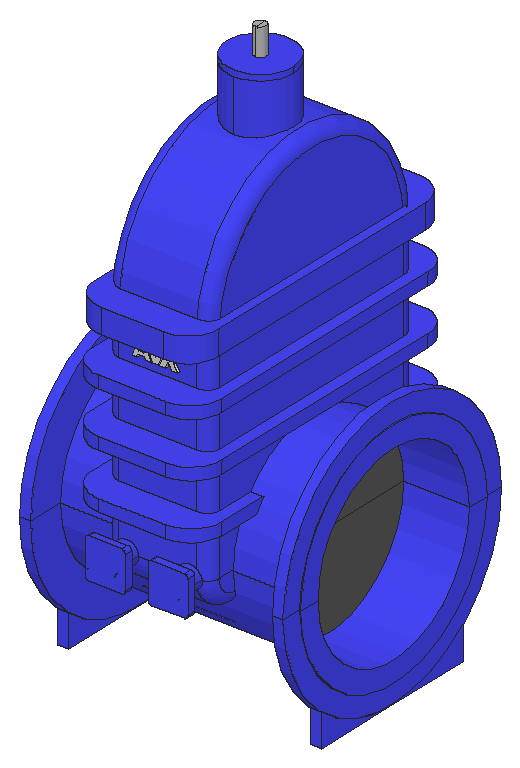
Revit family "02-60-0035 DN450-600 WITHOUT BYPASS", category Pipe Accessories, Revit 2022
Family settings
  Round Connector Dimension = Use Diameter
  Part Type = Valve - Breaks Into
  Work Plane-Based = No
  Always vertical = Yes
  Cut with Voids When Loaded = No
  Shared = No
Parameters (values of type "DN500_PN16")
  Ww = Body_W * 1.2  # 162.72 mm
  W1 = (H3 - H) * 0.65  # 232.05 mm
  W = size_lookup(Search_table, "W", 0 mm, DN) / 2  # 420 mm
  URL_product_pages = "https://www.avkvalves.com/P.aspx?no=0245060004647"
  Stem_H = F2 * 1.3  # 91 mm
  Search_table = "02-60-0035 DN450-600 WITHOUT BYPASS"
  Rib_T = FL_T * 0.5  # 16 mm
  Rib_R = Ww * 0.5  # 81.36 mm
  Rib_H = Body_H * 0.25  # 145 mm
  Raised_dis = size_lookup(Search_table, "Raised_dis", 0 mm, DN)  # 4 mm
  Raised_R = size_lookup(Search_table, "Raised_R", 0 mm, DN) / 2  # 304.5 mm
  RIB_W = size_lookup(Search_table, "RIB_W", 0 mm, DN)  # 170 mm
  RIB_T = size_lookup(Search_table, "RIB_T", 0 mm, DN)  # 10 mm
  RIB_L = size_lookup(Search_table, "RIB_L", 0 mm, DN)  # 420 mm
  Pipe_R = 30.5 mm  # constant formula
  OD = size_lookup(Search_table, "OD", 0 mm, DN) / 2  # 357.5 mm
  L = size_lookup(Search_table, "L", 0 mm, DN)  # 700 mm
  H3-H = H3 - H  # 357 mm
  H3 = size_lookup(Search_table, "H3", 0 mm, DN)  # 1481 mm
  H = size_lookup(Search_table, "H", 0 mm, DN)  # 1124 mm
  FL_T = size_lookup(Search_table, "FL_T", 0 mm, DN)  # 32 mm
  F2 = size_lookup(Search_table, "F2", 0 mm, DN)  # 70 mm
  F14 = size_lookup(Search_table, "F14", 0 mm, DN) / 2  # 87.5 mm
  F1 = size_lookup(Search_table, "F1", 0 mm, DN) / 2  # 0 mm
  F = size_lookup(Search_table, "F", 0 mm, DN) / 2  # 15 mm
  Disk_T = L * 0.25  # 175 mm
  Description_ = "AVK GATE VALVE, FLANGED, PN10/16"
  Default Elevation = 0 mm
  DN600_PN16 = "02-600-60-014647"
  DN600_PN10 = "02-600-60-004647"
  DN500_PN16 = "02-500-60-014647"
  DN500_PN10 = "02-500-60-004647"
  DN450_PN16 = "02-450-60-014647"
  DN450_PN10 = "02-450-60-004647"
  DN = 500.1 mm
  Bore_R = size_lookup(Search_table, "Bore_R", 0 mm, DN)  # 250 mm
  Body_W = (BP_Pipe_dis + Pipe_R) * 1.2  # 135.6 mm
  Body_T = size_lookup(Search_table, "Body_T", 0 mm, DN)  # 14 mm
  Body_R = Body_W * 0.25  # 33.9 mm
  Body_L = W * 0.8  # 336 mm
  Body_H = size_lookup(Search_table, "Body_H", 0 mm, DN)  # 580 mm
  Body_Arc = Bore_R * 0.65  # 162.5 mm
  Blind_end = size_lookup(Search_table, "Blind_end", 0 mm, DN)  # 402 mm
  Blind_P1 = size_lookup(Search_table, "Blind_P1", 0 mm, DN)  # 52.5 mm
  Blind_P = Pipe_R * 1.5  # 45.75 mm
  BP_dis = size_lookup(Search_table, "BP_dis", 0 mm, DN)  # 557 mm
  BP_Pipe_dis = size_lookup(Search_table, "BP_Pipe_dis", 0 mm, DN)  # 82.5 mm
  5 = 5 mm  # constant formula
  3 = 3 mm  # constant formula
  10 = 10 mm  # constant formula
Types (7, lengths in mm): name | W1 | W | Rib_T | Rib_H | Raised_dis | Raised_R | RIB_W | RIB_T | RIB_L | OD | L | H3-H | H3 | H | FL_T | Disk_T | DN | Bore_R | Body_L | Body_H | Body_Arc | Blind_end | BP_dis
  (no name) | 232.05 | 420 | 16 | 145 | 4 | 304.5 | 170 | 10 | 420 | 357.5 | 700 | 357 | 1481 | 1124 | 32 | 175 | 500.1 | 250 | 336 | 580 | 162.5 | 402 | 557
  DN450_PN10 | 208 | 419 | 13 | 138 | 4 | 265 | 165 | 10 | 419 | 307.5 | 650 | 320 | 1416 | 1096 | 26 | 162.5 | 450 | 225 | 335.2 | 552 | 146.25 | 402 | 557
  DN450_PN16 | 208 | 419 | 15 | 138 | 4 | 274 | 165 | 10 | 419 | 320 | 650 | 320 | 1416 | 1096 | 30 | 162.5 | 450.1 | 225 | 335.2 | 552 | 146.25 | 402 | 557
  DN500_PN10 | 232.05 | 420 | 13.5 | 145 | 4 | 291 | 170 | 10 | 420 | 335 | 700 | 357 | 1481 | 1124 | 27 | 175 | 500 | 250 | 336 | 580 | 162.5 | 402 | 557
  DN500_PN16 | 232.05 | 420 | 16 | 145 | 4 | 304.5 | 170 | 10 | 420 | 357.5 | 700 | 357 | 1481 | 1124 | 32 | 175 | 500.1 | 250 | 336 | 580 | 162.5 | 402 | 557
  DN600_PN10 | 272.35 | 479 | 15 | 168.75 | 5 | 341 | 184 | 12.5 | 479 | 390 | 800 | 419 | 1682 | 1263 | 30 | 200 | 600 | 300 | 383.2 | 675 | 195 | 452 | 607
  DN600_PN16 | 272.35 | 479 | 15 | 168.75 | 5 | 341 | 184 | 12.5 | 479 | 420 | 800 | 419 | 1682 | 1263 | 30 | 200 | 600.1 | 300 | 383.2 | 675 | 195 | 452 | 607
Reference planes
  plane 1 "Center (Front/Back)": y = 0
  plane 2: z = 0
  plane 3 "Center (Left/Right)": x = 0
  plane 4: y = 357
  plane 5: y = 304.5
  plane 6: y = 250
  plane 7: z = 1124
  plane 8: z = 357
  plane 9: z = 250
  plane 10: x = -350
  plane 11: x = 350
  plane 12: x = -82.5
  plane 13: x = 82.5
  plane 14: y = 336
  plane 15: y = 250
  plane 16: y = -250
  plane 17: z = 580
  plane 18: z = 1054
  plane 19: z = 435
  plane 20: z = 290
  plane 21: z = 145
  plane 22: z = 0
  plane 23: z = 0
  plane 24: y = -420
  plane 25: z = 0
  plane 26: z = -357
  plane 27: y = 420
  plane 28: y = 15
  plane 29: y = -15
  plane 30: y = -402
Forms (mm)
  Revolve 1, solid, material "Laminate, Blue, Matte"
    sketch origin (0, 0, 0) x (1, 0, 0) y (0, 1, 0)
      loop
        line (-350, 304.5) -> (-350, 250) -> (350, 250) -> (350, 304.5) -> (346, 304.5) -> (346, 357) -> (318, 357) -> (318, 260) -> (-318, 260) -> (-318, 357) -> (-346, 357) -> (-346, 304.5) -> (-350, 304.5)
      axis (-350, 0) -> (350, 0)
    angle from 360 to 0
  Revolve 2, solid, material "Aluminum 1100-O"
    sketch origin (0, 0, 0) x (1, 0, 0) y (0, 1, 0)
      loop
        line (-175, 250) -> (-175, 0) -> (175, 0) -> (175, 250) -> (-175, 250)
      axis (-175, 0) -> (175, 0)
    angle from 360 to 0
  Extrusion 3, solid, material "Laminate, Blue, Matte"
    sketch origin (0, 0, 0) x (1, 0, 0) y (0, 1, 0)
      loop
        arc (-101.7, 336) -> (-125.671, 326.071) -> (-135.6, 302.1) r 33.9
        line (-135.6, 302.1) -> (-135.6, -302.1)
        arc (-135.6, -302.1) -> (-125.671, -326.071) -> (-101.7, -336) r 33.9
        line (-101.7, -336) -> (101.7, -336)
        arc (101.7, -336) -> (125.671, -326.071) -> (135.6, -302.1) r 33.9
        line (135.6, -302.1) -> (135.6, 302.1)
        arc (135.6, 302.1) -> (125.671, 326.071) -> (101.7, 336) r 33.9
        line (101.7, 336) -> (-101.7, 336)
    from 0 to 580
  Revolve 4, solid, material "Laminate, Blue, Matte"
    sketch origin (0, 0, 0) x (1, 0, 0) y (0, 1, 0)
      loop
        arc (-101.7, 336) -> (-125.671, 326.071) -> (-135.6, 302.1) r 33.9
        line (-135.6, 302.1) -> (-135.6, 250) -> (135.6, 250) -> (135.6, 302.1)
        arc (135.6, 302.1) -> (125.671, 326.071) -> (101.7, 336) r 33.9
        line (101.7, 336) -> (-101.7, 336)
      axis (135.6, 250) -> (-135.6, 250)
    angle from 0 to 180
  Revolve 5, solid, material "Laminate, Blue, Matte"
    sketch origin (0, 0, 0) x (1, 0, 0) y (0, 1, 0)
      loop
        arc (-135.6, -302.1) -> (-125.671, -326.071) -> (-101.7, -336) r 33.9
        line (-101.7, -336) -> (101.7, -336)
        arc (101.7, -336) -> (125.671, -326.071) -> (135.6, -302.1) r 33.9
        line (135.6, -302.1) -> (135.6, -250) -> (-135.6, -250) -> (-135.6, -302.1)
      axis (-135.6, -250) -> (135.6, -250)
    angle from 0 to 180
  Revolve 6, solid, material "Default Roof"
    sketch origin (0, 0, 0) x (0, 1, 0) y (0, 0, 1)
      loop
        line (0, 1124) -> (-15, 1124) -> (-15, 1054) -> (0, 1054) -> (0, 1124)
      axis (0, 1124) -> (0, 1054)
    angle from 0 to 360
  Extrusion 7, solid, material "Laminate, Blue, Matte"
    sketch origin (-1592.941, -1524, 1054) x (-1, 0, 0) y (0, -1, 0)
      loop
        circle (-1592.941, -1524) r 87.5
    from 0 to -15
  Extrusion 8, solid, material "Laminate, Blue, Matte"
    sketch origin (-531.127, -1524, 435) x (-1, 0, 0) y (0, -1, 0)
      loop
        arc (-442.487, -1944) -> (-384.957, -1920.17) -> (-361.127, -1862.64) r 81.36
        line (-361.127, -1862.64) -> (-361.127, -1185.36)
        arc (-361.127, -1185.36) -> (-384.957, -1127.83) -> (-442.487, -1104) r 81.36
        line (-442.487, -1104) -> (-619.767, -1104)
        arc (-619.767, -1104) -> (-677.297, -1127.83) -> (-701.127, -1185.36) r 81.36
        line (-701.127, -1185.36) -> (-701.127, -1862.64)
        arc (-701.127, -1862.64) -> (-677.297, -1920.17) -> (-619.767, -1944) r 81.36
        line (-619.767, -1944) -> (-442.487, -1944)
    from -16 to 16
  Extrusion 9, solid, material "Laminate, Blue, Matte"
    sketch origin (-485.614, -1524, 290) x (-1, 0, 0) y (0, -1, 0)
      loop
        arc (-396.974, -1944) -> (-339.444, -1920.17) -> (-315.614, -1862.64) r 81.36
        line (-315.614, -1862.64) -> (-315.614, -1185.36)
        arc (-315.614, -1185.36) -> (-339.444, -1127.83) -> (-396.974, -1104) r 81.36
        line (-396.974, -1104) -> (-574.254, -1104)
        arc (-574.254, -1104) -> (-631.784, -1127.83) -> (-655.614, -1185.36) r 81.36
        line (-655.614, -1185.36) -> (-655.614, -1862.64)
        arc (-655.614, -1862.64) -> (-631.784, -1920.17) -> (-574.254, -1944) r 81.36
        line (-574.254, -1944) -> (-396.974, -1944)
    from -16 to 16
  Extrusion 10, solid, material "Laminate, Blue, Matte"
    sketch origin (-485.614, -1524, 145) x (-1, 0, 0) y (0, -1, 0)
      loop
        arc (-396.974, -1944) -> (-339.444, -1920.17) -> (-315.614, -1862.64) r 81.36
        line (-315.614, -1862.64) -> (-315.614, -1185.36)
        arc (-315.614, -1185.36) -> (-339.444, -1127.83) -> (-396.974, -1104) r 81.36
        line (-396.974, -1104) -> (-574.254, -1104)
        arc (-574.254, -1104) -> (-631.784, -1127.83) -> (-655.614, -1185.36) r 81.36
        line (-655.614, -1185.36) -> (-655.614, -1862.64)
        arc (-655.614, -1862.64) -> (-631.784, -1920.17) -> (-574.254, -1944) r 81.36
        line (-574.254, -1944) -> (-396.974, -1944)
    from -16 to 16
  Extrusion 11, solid, material "Laminate, Blue, Matte"
    sketch origin (-965.929, -1524, 580) x (-1, 0, 0) y (0, -1, 0)
      loop
        arc (-884.569, -1944) -> (-827.039, -1920.17) -> (-803.209, -1862.64) r 81.36
        line (-803.209, -1862.64) -> (-803.209, -1185.36)
        arc (-803.209, -1185.36) -> (-827.039, -1127.83) -> (-884.569, -1104) r 81.36
        line (-884.569, -1104) -> (-1047.289, -1104)
        arc (-1047.289, -1104) -> (-1104.82, -1127.83) -> (-1128.649, -1185.36) r 81.36
        line (-1128.649, -1185.36) -> (-1128.649, -1862.64)
        arc (-1128.649, -1862.64) -> (-1104.82, -1920.17) -> (-1047.289, -1944) r 81.36
        line (-1047.289, -1944) -> (-884.569, -1944)
    from -32 to 32
  Revolve 12, solid, material "Laminate, Blue, Matte"
    sketch origin (-965.929, -1524, 580) x (-1, 0, 0) y (0, -1, 0)
      loop
        line (-830.329, -1826.1) -> (-830.329, -1524) -> (-1101.529, -1524) -> (-1101.529, -1826.1)
        arc (-1101.529, -1826.1) -> (-1091.6, -1850.071) -> (-1067.629, -1860) r 33.9
        line (-1067.629, -1860) -> (-864.229, -1860)
        arc (-864.229, -1860) -> (-840.258, -1850.071) -> (-830.329, -1826.1) r 33.9
      axis (-830.329, -1524) -> (-1101.529, -1524)
    angle from 0 to -180
  Revolve 13, solid, material "Laminate, Blue, Matte"
    sketch origin (0, 0, 0) x (0, 1, 0) y (0, 0, 1)
      loop
        line (0, 1039) -> (-87.5, 1039) -> (-87.5, 580) -> (0, 580) -> (0, 1039)
      axis (0, 580) -> (0, 1039)
    angle from 360 to 0
  Extrusion 14, solid, material "Laminate, Blue, Matte"
    sketch origin (0, 0, 0) x (1, 0, 0) y (0, 0, 1)
      loop
        circle (-82.5, 0) r 30.5
      loop
        circle (82.5, 0) r 30.5
    from 250 to 402
  Extrusion 15, solid, material "Laminate, Blue, Matte"
    sketch origin (-1318.184, -402, 1200) x (-1, 0, 0) y (0, 0, 1)
      loop
        line (-1193.184, -1147.5) -> (-1278.184, -1147.5)
        arc (-1278.184, -1147.5) -> (-1285.255, -1150.429) -> (-1288.184, -1157.5) r 10
        line (-1288.184, -1157.5) -> (-1288.184, -1242.5)
        arc (-1288.184, -1242.5) -> (-1285.255, -1249.571) -> (-1278.184, -1252.5) r 10
        line (-1278.184, -1252.5) -> (-1193.184, -1252.5)
        arc (-1193.184, -1252.5) -> (-1186.113, -1249.571) -> (-1183.184, -1242.5) r 10
        line (-1183.184, -1242.5) -> (-1183.184, -1157.5)
        arc (-1183.184, -1157.5) -> (-1186.113, -1150.429) -> (-1193.184, -1147.5) r 10
      loop
        line (-1358.184, -1147.5) -> (-1443.184, -1147.5)
        arc (-1443.184, -1147.5) -> (-1450.255, -1150.429) -> (-1453.184, -1157.5) r 10
        line (-1453.184, -1157.5) -> (-1453.184, -1242.5)
        arc (-1453.184, -1242.5) -> (-1450.255, -1249.571) -> (-1443.184, -1252.5) r 10
        line (-1443.184, -1252.5) -> (-1358.184, -1252.5)
        arc (-1358.184, -1252.5) -> (-1351.113, -1249.571) -> (-1348.184, -1242.5) r 10
        line (-1348.184, -1242.5) -> (-1348.184, -1157.5)
        arc (-1348.184, -1157.5) -> (-1351.113, -1150.429) -> (-1358.184, -1147.5) r 10
    from -3 to 16
  Extrusion 16, solid, material "Laminate, Blue, Matte"
    sketch origin (0, 0, 0) x (0, 1, 0) y (0, 0, 1)
      loop
        arc (232.05, -271.297) -> (123.685, -334.889) -> (0, -357) r 357
        line (0, -357) -> (232.05, -357) -> (232.05, -271.297)
    from 318 to 346
  Extrusion 17, solid, material "Laminate, Blue, Matte"
    sketch origin (0, 0, 0) x (0, 1, 0) y (0, 0, 1)
      loop
        arc (0, -357) -> (-123.685, -334.889) -> (-232.05, -271.297) r 357
        line (-232.05, -271.297) -> (-232.05, -357) -> (0, -357)
    from 318 to 346
  Extrusion 18, solid, material "Laminate, Blue, Matte"
    sketch origin (0, 0, 0) x (0, 1, 0) y (0, 0, 1)
      loop
        arc (232.05, -271.297) -> (123.685, -334.889) -> (0, -357) r 357
        line (0, -357) -> (232.05, -357) -> (232.05, -271.297)
    from -346 to -318
  Extrusion 19, solid, material "Laminate, Blue, Matte"
    sketch origin (0, 0, 0) x (0, 1, 0) y (0, 0, 1)
      loop
        arc (0, -357) -> (-123.685, -334.889) -> (-232.05, -271.297) r 357
        line (-232.05, -271.297) -> (-232.05, -357) -> (0, -357)
    from -346 to -318
  Extrusion 20, solid
    sketch origin (-1318.184, -402, 1200) x (-1, 0, 0) y (0, 0, 1)
      loop
        line (-1256.463, -725.715) -> (-1266.785, -698.331) -> (-1256.463, -698.331) -> (-1256.463, -683.991) -> (-1289.846, -683.991) -> (-1306.703, -725.715) -> (-1293.093, -725.715) -> (-1290.205, -719.521) -> (-1270.205, -719.521) -> (-1268.546, -725.715) -> (-1256.463, -725.715)
      loop
        line (-1274.378, -709.521) -> (-1280.752, -692.611) -> (-1287.585, -709.521) -> (-1274.378, -709.521)
      loop
        line (-1256.463, -666.889) -> (-1302.733, -666.889) -> (-1319.162, -707.552) -> (-1334.49, -666.889) -> (-1379.49, -666.889) -> (-1379.49, -678.654) -> (-1344.49, -678.654) -> (-1325.476, -725.715) -> (-1310.476, -725.715) -> (-1291.463, -678.654) -> (-1256.463, -678.654) -> (-1256.463, -666.889)
      loop
        line (-1329.49, -725.715) -> (-1346.347, -683.991) -> (-1361.347, -683.991) -> (-1355.092, -699.474)
        arc (-1355.092, -699.474) -> (-1364.344, -695.642) -> (-1368.176, -686.39) r 13.084
        line (-1368.176, -686.39) -> (-1368.176, -683.265) -> (-1379.49, -683.265) -> (-1379.49, -695.348) -> (-1377.611, -695.348)
        arc (-1377.611, -695.348) -> (-1371.433, -703.541) -> (-1362.291, -708.204) r 22.845
        line (-1362.291, -708.204) -> (-1375.972, -725.715) -> (-1360.972, -725.715) -> (-1351.399, -712.043)
        arc (-1351.399, -712.043) -> (-1349.5, -711.481) -> (-1348.524, -713.205) r 1.591
        line (-1348.524, -713.205) -> (-1343.47, -725.715) -> (-1329.49, -725.715)
    from 58.981 to 66
Dimensions and locks
  "Raised_R": plane 1 "Center (Front/Back)" to plane 5
  "H3-H": plane 1 "Center (Front/Back)" to plane 4
  "Bore_R": plane 1 "Center (Front/Back)" to plane 6
  "Bore_R": plane 9 to level
  equal spacing: plane 11, plane 3 "Center (Left/Right)", plane 10
  "L": plane 11 to plane 10
  "H3-H": plane 8 to level
  "Raised_dis": plane 10 to Revolve 1 sketch curve
  "Raised_dis": Revolve 1 sketch curve to plane 11
  "FL_T": plane 10 to Revolve 1 sketch curve
  "FL_T": Revolve 1 sketch curve to plane 11
  "10": Revolve 1 sketch curve to plane 6
  equal spacing: plane 12, plane 3 "Center (Left/Right)", plane 13
  "BP_Pipe_dis": plane 12 to plane 3 "Center (Left/Right)"
  equal spacing: Revolve 2 sketch curve, plane 3 "Center (Left/Right)", Revolve 2 sketch curve
  "Disk_T": Revolve 2 sketch curve to plane 3 "Center (Left/Right)"
  "Bore_R": plane 1 "Center (Front/Back)" to Revolve 2 sketch curve
  equal spacing: Extrusion 3 sketch curve, plane 3 "Center (Left/Right)", Extrusion 3 sketch curve
  equal spacing: Extrusion 3 sketch curve, plane 1 "Center (Front/Back)", Extrusion 3 sketch curve
  "Body_L": plane 1 "Center (Front/Back)" to Extrusion 3 sketch curve
  "Body_W": plane 3 "Center (Left/Right)" to Extrusion 3 sketch curve
  "Body_L": plane 1 "Center (Front/Back)" to plane 14
  "Bore_R": plane 1 "Center (Front/Back)" to plane 15
  "Bore_R": plane 16 to plane 1 "Center (Front/Back)"
  "Body_H": plane 17 to level
  "H": plane 7 to plane 2
  "F2": plane 7 to plane 18
  "F": plane 1 "Center (Front/Back)" to Revolve 6 sketch curve
  equal spacing: Extrusion 7 sketch curve, plane 3 "Center (Left/Right)", Extrusion 7 sketch curve
  equal spacing: Extrusion 7 sketch curve, plane 1 "Center (Front/Back)", Extrusion 7 sketch curve
  "F": plane 18 to Extrusion 7
  "Rib_H": plane 17 to plane 19
  "Rib_H": plane 19 to plane 20
  "Rib_H": plane 20 to plane 21
  equal spacing: Extrusion 8 sketch curve, plane 1 "Center (Front/Back)", Extrusion 8 sketch curve
  equal spacing: Extrusion 8 sketch curve, plane 3 "Center (Left/Right)", Extrusion 8 sketch curve
  "W": plane 1 "Center (Front/Back)" to Extrusion 8 sketch curve
  "RIB_W": plane 3 "Center (Left/Right)" to Extrusion 8 sketch curve
  equal spacing: Extrusion 8, plane 19, Extrusion 8
  equal spacing: Extrusion 9 sketch curve, plane 3 "Center (Left/Right)", Extrusion 9 sketch curve
  equal spacing: Extrusion 9 sketch curve, plane 1 "Center (Front/Back)", Extrusion 9 sketch curve
  "W": plane 1 "Center (Front/Back)" to Extrusion 9 sketch curve
  "RIB_W": Extrusion 9 sketch curve to plane 3 "Center (Left/Right)"
  equal spacing: Extrusion 9, plane 20, Extrusion 9
  "Rib_T": Extrusion 9 to plane 20
  "Rib_T": Extrusion 8 to plane 19
  equal spacing: Extrusion 10 sketch curve, plane 3 "Center (Left/Right)", Extrusion 10 sketch curve
  equal spacing: Extrusion 10 sketch curve, plane 1 "Center (Front/Back)", Extrusion 10 sketch curve
  "RIB_W": Extrusion 10 sketch curve to plane 3 "Center (Left/Right)"
  "W": plane 1 "Center (Front/Back)" to Extrusion 10 sketch curve
  equal spacing: Extrusion 10, plane 21, Extrusion 10
  "Rib_T": Extrusion 10 to plane 21
  "W": plane 1 "Center (Front/Back)" to Extrusion 11 sketch curve
  equal spacing: Extrusion 11 sketch curve, plane 3 "Center (Left/Right)", Extrusion 11 sketch curve
  "Ww": Extrusion 11 sketch curve to plane 3 "Center (Left/Right)"
  equal spacing: Extrusion 11 sketch curve, plane 1 "Center (Front/Back)", Extrusion 11 sketch curve
  "FL_T": Extrusion 11 to plane 17
  "FL_T": plane 17 to Extrusion 11
  "F14": plane 1 "Center (Front/Back)" to Revolve 13 sketch curve
  "F": plane 18 to Revolve 13 sketch curve
  plane 22 to level = 0 mm
  plane 23 to level = 0 mm
  "W": plane 1 "Center (Front/Back)" to plane 24  (x2)
  plane 23 to plane 25 = 0 mm
  plane 11 to plane 10 = 700 mm
  "H3": plane 7 to plane 26
  "W": plane 27 to plane 1 "Center (Front/Back)"
  plane 27 to plane 24 = 840 mm
  "F": plane 28 to plane 1 "Center (Front/Back)"
  "F": plane 1 "Center (Front/Back)" to plane 29
  plane 28 to plane 29 = 30 mm
  equal spacing: Extrusion 14 sketch curve, level, Extrusion 14 sketch curve  (x2)
  equal spacing: Extrusion 14 sketch curve, plane 13, Extrusion 14 sketch curve
  equal spacing: Extrusion 14 sketch curve, plane 12, Extrusion 14 sketch curve
  "Bore_R": plane 1 "Center (Front/Back)" to Extrusion 14
  "Blind_end": plane 30 to plane 1 "Center (Front/Back)"
  equal spacing: Extrusion 15 sketch curve, plane 12, Extrusion 15 sketch curve
  equal spacing: Extrusion 15 sketch curve, plane 13, Extrusion 15 sketch curve
  equal spacing: Extrusion 15 sketch curve, level, Extrusion 15 sketch curve  (x2)
  "Blind_P1": plane 12 to Extrusion 15 sketch curve
  "Blind_P1": plane 13 to Extrusion 15 sketch curve
  "Blind_P1": Extrusion 15 sketch curve to level
  "Rib_T": Extrusion 15 to plane 30
  "3": plane 30 to Extrusion 15
  "W1": Extrusion 16 sketch curve to plane 1 "Center (Front/Back)"
  "W1": plane 1 "Center (Front/Back)" to Extrusion 17 sketch curve
  "W1": Extrusion 18 sketch curve to plane 1 "Center (Front/Back)"
  "W1": plane 1 "Center (Front/Back)" to Extrusion 19 sketch curve
  "Body_R": radius of Extrusion 3 sketch curve  (x4)
  "F14": radius of Extrusion 7 sketch curve
  "Rib_R": radius of Extrusion 8 sketch curve  (x4)
  "Rib_R": radius of Extrusion 9 sketch curve  (x4)
  "Rib_R": radius of Extrusion 10 sketch curve  (x4)
  "Rib_R": radius of Extrusion 11 sketch curve  (x4)
  "Pipe_R": radius of Extrusion 14 sketch curve  (x2)
  "10": radius of Extrusion 15 sketch curve  (x8)
  aligned and locked: level to plane 2
  aligned and locked: plane 1 "Center (Front/Back)" to Revolve 1 sketch curve
  aligned and locked: Revolve 1 sketch curve to Revolve 1 sketch curve  (x2)
  aligned and locked: plane 4 to Revolve 1 sketch curve
  aligned and locked: plane 11 to Revolve 1 sketch curve
  aligned and locked: Revolve 1 sketch curve to plane 10
  aligned and locked: plane 5 to Revolve 1 sketch curve
  aligned and locked: Revolve 1 sketch curve to plane 6
  aligned and locked: Revolve 2 sketch curve to plane 1 "Center (Front/Back)"
  aligned and locked: plane 1 "Center (Front/Back)" to Revolve 2 sketch curve
  aligned and locked: Extrusion 3 to level
  aligned and locked: Revolve 4 sketch curve to Extrusion 3  (x2)
  aligned and locked: Extrusion 3 to Revolve 4 sketch curve
  aligned and locked: Revolve 4 sketch curve to plane 15
  aligned and locked: plane 15 to Revolve 4 sketch curve
  aligned and locked: Revolve 5 sketch curve to Extrusion 3  (x2)
  aligned and locked: Revolve 5 sketch curve to plane 16  (x2)
  aligned and locked: plane 1 "Center (Front/Back)" to Revolve 6 sketch curve  (x2)
  aligned and locked: Revolve 6 sketch curve to plane 7
  aligned and locked: plane 18 to Revolve 6 sketch curve
  aligned and locked: plane 18 to Extrusion 7
  aligned and locked: plane 17 to Extrusion 3
  aligned and locked: Revolve 12 sketch curve to Extrusion 3
  aligned and locked: plane 1 "Center (Front/Back)" to Revolve 12 sketch curve
  aligned and locked: Revolve 13 sketch curve to plane 1 "Center (Front/Back)"  (x2)
  aligned and locked: plane 17 to Revolve 13 sketch curve
  aligned and locked: Extrusion 14 to plane 30
  aligned and locked: Extrusion 15 sketch curve to Extrusion 15 sketch curve
  aligned and locked: Extrusion 16 sketch curve to Revolve 1
  aligned and locked: Extrusion 16 sketch curve to plane 26
  aligned and locked: Extrusion 17 sketch curve to Revolve 1
  aligned and locked: Extrusion 17 sketch curve to plane 26
  aligned and locked: Extrusion 17 to Extrusion 16
  aligned and locked: Extrusion 17 to Revolve 1
  aligned and locked: Revolve 1 to Extrusion 17
  aligned and locked: Revolve 1 to Extrusion 16
  aligned and locked: Extrusion 18 sketch curve to Revolve 1
  aligned and locked: Extrusion 18 sketch curve to plane 26
  aligned and locked: Extrusion 19 sketch curve to Revolve 1
  aligned and locked: Extrusion 19 sketch curve to plane 26
  aligned and locked: Extrusion 18 to Extrusion 19  (x2)
  aligned and locked: Extrusion 19 to Revolve 1
  aligned and locked: Revolve 1 to Extrusion 19
  aligned and locked: Extrusion 20 to Extrusion 3
Automatic sketch dimensions
  plane 13 to Revolve 4 sketch curve = 19.2 mm
  Revolve 4 sketch curve to Revolve 4 sketch curve = 40 mm
  Revolve 4 sketch curve to Revolve 4 sketch curve = 60 mm
  plane 1 "Center (Front/Back)" to Revolve 12 sketch curve = 0 mm
  Revolve 12 sketch curve to plane 14 = 0 mm
  Revolve 12 sketch curve to plane 12 = 19.2 mm
  plane 13 to Revolve 12 sketch curve = 19.2 mm
  plane 13 to Revolve 12 sketch curve = 53.1 mm
  Revolve 12 sketch curve to plane 10 = 70.6 mm
  Revolve 12 sketch curve to Revolve 12 sketch curve = 160 mm
  Extrusion 20 sketch curve to plane 13 = 21.194 mm
  Extrusion 20 sketch curve to Extrusion 20 sketch curve = 0 mm  (x4)
  Extrusion 20 sketch curve to Extrusion 20 sketch curve = 1.879 mm
  Extrusion 20 sketch curve to plane 13 = 24.712 mm
  Extrusion 20 sketch curve to Extrusion 20 sketch curve = 11.314 mm
  Extrusion 20 sketch curve to Extrusion 20 sketch curve = 15.321 mm
  Extrusion 20 sketch curve to Extrusion 20 sketch curve = 6.829 mm
  Extrusion 20 sketch curve to Extrusion 20 sketch curve = 15 mm
  Extrusion 20 sketch curve to Extrusion 20 sketch curve = 4.6 mm
  Extrusion 20 sketch curve to Extrusion 20 sketch curve = 1.656 mm
  Extrusion 20 sketch curve to Extrusion 20 sketch curve = 10.892 mm
  Extrusion 20 sketch curve to Extrusion 20 sketch curve = 1.303 mm
  Extrusion 20 sketch curve to Extrusion 20 sketch curve = 1.571 mm
  Extrusion 20 sketch curve to Extrusion 20 sketch curve = 8.745 mm
  Extrusion 20 sketch curve to Extrusion 20 sketch curve = 1.857 mm
  Extrusion 20 sketch curve to Extrusion 20 sketch curve = 10 mm  (x2)
  plane 3 "Center (Left/Right)" to Extrusion 20 sketch curve = 7.293 mm
  plane 3 "Center (Left/Right)" to Extrusion 20 sketch curve = 0.978 mm
  Extrusion 20 sketch curve to plane 3 "Center (Left/Right)" = 7.707 mm
  Extrusion 20 sketch curve to Extrusion 20 sketch curve = 3.773 mm
  Extrusion 20 sketch curve to plane 3 "Center (Left/Right)" = 15.451 mm
  Extrusion 20 sketch curve to Extrusion 20 sketch curve = 13.61 mm
  Extrusion 20 sketch curve to Extrusion 20 sketch curve = 11.27 mm
  Extrusion 20 sketch curve to Extrusion 20 sketch curve = 2.888 mm
  Extrusion 20 sketch curve to Extrusion 20 sketch curve = 1.617 mm
  Extrusion 20 sketch curve to Extrusion 20 sketch curve = 2.621 mm
  Extrusion 20 sketch curve to Extrusion 20 sketch curve = 9.093 mm
  Extrusion 20 sketch curve to Extrusion 20 sketch curve = 13.207 mm
  Extrusion 20 sketch curve to Extrusion 20 sketch curve = 4.173 mm
  Extrusion 20 sketch curve to Extrusion 20 sketch curve = 1.659 mm
  Extrusion 20 sketch curve to Extrusion 20 sketch curve = 13.967 mm
  Extrusion 20 sketch curve to Extrusion 20 sketch curve = 12.083 mm
  Extrusion 20 sketch curve to Extrusion 20 sketch curve = 10.323 mm
  plane 19 to Extrusion 20 sketch curve = 39.285 mm  (x2)
  Extrusion 20 sketch curve to Extrusion 20 sketch curve = 6.193 mm
  Extrusion 20 sketch curve to Extrusion 20 sketch curve = 12.51 mm  (x2)
  Extrusion 20 sketch curve to Extrusion 20 sketch curve = 0.249 mm
  Extrusion 20 sketch curve to Extrusion 20 sketch curve = 3.84 mm
  Extrusion 20 sketch curve to Extrusion 20 sketch curve = 18.163 mm
  Extrusion 20 sketch curve to Extrusion 20 sketch curve = 8.73 mm
  Extrusion 20 sketch curve to Extrusion 20 sketch curve = 8.958 mm
  Extrusion 20 sketch curve to Extrusion 20 sketch curve = 11.191 mm
  Extrusion 20 sketch curve to Extrusion 20 sketch curve = 5.72 mm
  Extrusion 20 sketch curve to Extrusion 20 sketch curve = 2.05 mm
  Extrusion 20 sketch curve to Extrusion 20 sketch curve = 8.62 mm
  Extrusion 20 sketch curve to Extrusion 20 sketch curve = 3.125 mm
  Extrusion 20 sketch curve to Extrusion 20 sketch curve = 5.337 mm  (x2)
  Extrusion 20 sketch curve to Extrusion 20 sketch curve = 11.765 mm  (x2)
  Extrusion 20 sketch curve to Extrusion 20 sketch curve = 5.054 mm
  Extrusion 20 sketch curve to Extrusion 20 sketch curve = 4.014 mm
  Revolve 1 sketch curve to plane 10 = 173.184 mm
  plane 11 to Revolve 1 sketch curve = 56.816 mm
  plane 11 to Revolve 2 sketch curve = 97.5 mm
  Revolve 2 sketch curve to Revolve 2 sketch curve = 180 mm
  plane 13 to Revolve 5 sketch curve = 19.2 mm
  Revolve 5 sketch curve to Revolve 5 sketch curve = 44.4 mm
  Revolve 5 sketch curve to Revolve 5 sketch curve = 60 mm
  Revolve 6 sketch curve to Revolve 6 sketch curve = 320 mm
  Revolve 6 sketch curve to Revolve 6 sketch curve = 120 mm
  Revolve 13 sketch curve to Revolve 13 sketch curve = 56 mm
  Revolve 13 sketch curve to Revolve 13 sketch curve = 75 mm
  Extrusion 16 sketch curve to plane 1 "Center (Front/Back)" = 0 mm
  Extrusion 17 sketch curve to plane 1 "Center (Front/Back)" = 0 mm
  Extrusion 18 sketch curve to plane 1 "Center (Front/Back)" = 0 mm
  Extrusion 19 sketch curve to plane 1 "Center (Front/Back)" = 0 mm
Connectors
  piping at (-346, 0, 0), diameter 609.6
    settings: on Revolve 1, index 1, connector inside diameter 609.6 mm, connector length 0 mm, flow factor 0, pipe flow 0.0 L/s, pressure drop 0.0 Pa, fitting loss kfactor 0, connector angle 0.00°, fixture units 0, engagement length 0 mm, angle of deflection 0.00°, flow configuration 0, flow direction 0, fitting loss method 0, system type 7, joint type 0, gender type 0, connector reference index -1, connector utility 0, adjustable connector no, is connector primary yes, connector description ""
  piping at (350, 0, 0), diameter 609.6
    settings: on Revolve 1, index 2, connector inside diameter 609.6 mm, connector length 0 mm, flow factor 0, pipe flow 0.0 L/s, pressure drop 0.0 Pa, fitting loss kfactor 0, connector angle 0.00°, fixture units 0, engagement length 0 mm, angle of deflection 0.00°, flow configuration 0, flow direction 0, fitting loss method 0, system type 7, joint type 0, gender type 0, connector reference index -1, connector utility 0, adjustable connector no, is connector primary no, connector description ""
